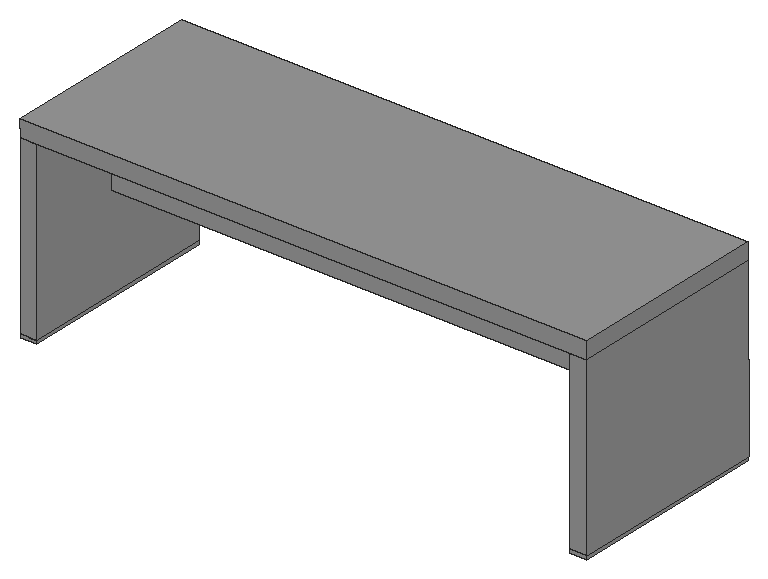
Revit family "Cocoon Community Table 30x84x29", category Generic Models, Revit 2018
Family settings
  Can host rebar = No
  Round Connector Dimension = Use Diameter
  Part Type = Normal
  Work Plane-Based = No
  Always vertical = Yes
  Cut with Voids When Loaded = No
  Shared = No
  Room Calculation Point = No
Parameters
  Frame = Cocoon Community Table 30x84x29 Frame
  Surface = Cocoon Community Table 30x84x29 Surface
Reference planes (in)
  plane 1 "Center (Front/Back)": y = 0
  plane 2: z = 0
  plane 3 "Center (Left/Right)": x = 0
Forms (in)
  Extrusion 1, solid, material "Cocoon Community Table 30x84x29 Frame" <- "Frame"
    sketch origin (0, 0, 0) x (1, 0, 0) y (0, 0, 1)
      loop
        line (-42, 0.5) -> (-42, 0) -> (-39.5, 0) -> (-39.5, 0.5) -> (-42, 0.5)
      loop
        line (42, 0.5) -> (39.5, 0.5) -> (39.5, 0) -> (42, 0) -> (42, 0.5)
    from -15 to 15
  Extrusion 2, solid, material "Cocoon Community Table 30x84x29 Surface" <- "Surface"
    sketch origin (0, 0, 0) x (1, 0, 0) y (0, 0, 1)
      loop
        line (-42, 29) -> (-42, 26.5) -> (42, 26.5) -> (42, 29) -> (-42, 29)
    from -15 to 15
  Extrusion 3, solid, material "Cocoon Community Table 30x84x29 Frame" <- "Frame"
    sketch origin (0, 0, 0) x (1, 0, 0) y (0, 0, 1)
      loop
        line (-42, 26.5) -> (-42, 0.5) -> (-39.5, 0.5) -> (-39.5, 26.5) -> (-42, 26.5)
      loop
        line (39.5, 26.5) -> (39.5, 0.5) -> (42, 0.5) -> (42, 26.5) -> (39.5, 26.5)
    from -15 to 15
  Extrusion 4, solid, material "Cocoon Community Table 30x84x29 Frame" <- "Frame"
    sketch origin (0, 0, -13) x (0, 1, 0) y (0, 0, 1)
      loop
        line (1.25, 39.5) -> (-1.25, 39.5) -> (-1.25, 27.5) -> (1.25, 27.5) -> (1.25, 39.5)
    from -39.5 to 39.5
Dimensions and locks (in)
  aligned and locked: plane 2 to level
